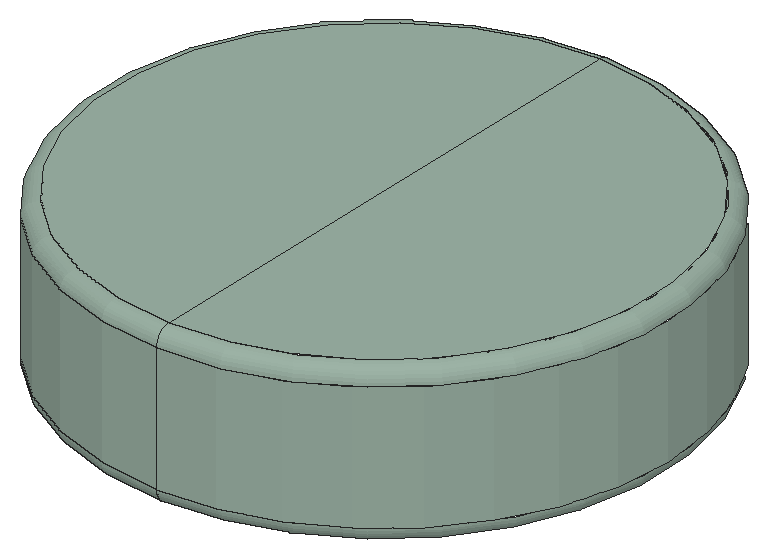
Revit family "Seat Pad 18in Round 5in H", category Generic Models, Revit 2018
Family settings
  Can host rebar = No
  Round Connector Dimension = Use Diameter
  Part Type = Normal
  Work Plane-Based = No
  Always vertical = Yes
  Cut with Voids When Loaded = No
  Shared = No
  Room Calculation Point = No
Parameters
  Fabric = Seat Pad 18" Round 5"H
Reference planes (in)
  plane 1 "Center (Front/Back)": y = 0
  plane 2: z = 0
  plane 3 "Center (Left/Right)": x = 0
Forms (in)
  Revolve 1, solid, material "Seat Pad 18" Round 5"H" <- "Fabric"
    sketch origin (0, 0, 0.78222) x (0, 1, 0) y (0, 0, 1)
      loop
        line (0, 4.21778) -> (-8.50781, 4.21778)
        arc (-8.50781, 4.21778) -> (-8.86132, 4.07136) -> (-9.00774, 3.71785) r 0.49993
        line (-9.00774, 3.71785) -> (-9.00774, -0.28229)
        arc (-9.00774, -0.28229) -> (-8.86132, -0.63579) -> (-8.50781, -0.78222) r 0.49993
        line (-8.50781, -0.78222) -> (0, -0.78222) -> (0, 4.21778)
      axis (0, 4.21778) -> (0, -0.78222)
    angle from 0 to 360
Dimensions and locks (in)
  aligned and locked: plane 2 to level
